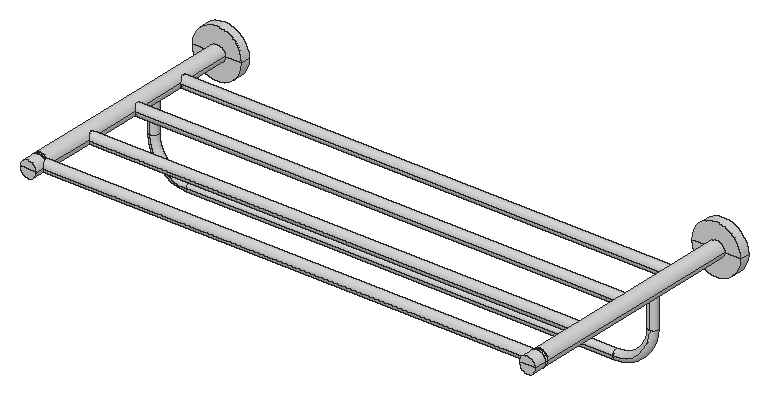
Revit family "Reece_Accessory_GROHE_Essentials_Multi-Towel Rack_550 mm", category Plumbing Fixtures, Revit 2018
Family settings
  Round Connector Dimension = Use Diameter
  Part Type = Normal
  Work Plane-Based = Yes
  Always vertical = Yes
  Cut with Voids When Loaded = Yes
  Shared = Yes
  Room Calculation Point = Yes
Parameters (values of type "Chrome")
  URL = "https://www.reece.com.au/product/-9506971"
  Type Comments = "Accessory"
  Reece_Product_Web Page = "https://www.reece.com.au/product/-9506971"
  Reece_Product_Type = "Accessory"  # constant formula
  Reece_Product_Sub Brand = "Essentials"  # constant formula
  Reece_Product_Number = "9506971"
  Reece_Product_Mount = "Wall Mounted"
  Reece_Product_Description = "GROHE Essentials Accessories Multi-Towel Rack 550mm Chrome"
  Reece_Product_Brand = "GROHE"  # constant formula
  Reece_Overall_Width = 604 mm  # constant formula
  Reece_Overall_Height = 111 mm  # constant formula
  Reece_Material_Main = Reece_Brass_Chrome
  Reece_Height_From_Level [instance] = 1000 mm
  Reece_Detail_Shape = ""
  Reece_Detail_Installation = ""
  Reece_Detail_Disclaimer = "THIS FILE IS THE PROPERTY OF THE REECE GROUP. IT MAY NOT BE REPRODUCED, REVERSE-ENGINEERED OR MODIFIED. ANY REPUBLICATION, TRANSMISSION OR DISTRIBUTION FOR THE PURPOSE OF COMMERCIALLY EXPLOITING THE FILES IS PROHIBITED."  # constant formula
  Reece_Detail_Connector = ""
  Reece_Detail_Additional = ""
  Reece_Accessory_Projection = 270 mm  # constant formula
  Model = "Essentials"
  Manufacturer = "GROHE"
  Keynote = "Product #9506971, Reece_Accessory_GROHE_Essentials_Multi-Towel Rack_550 mm - Chrome"
  Disclaimer = "THIS FILE IS THE PROPERTY OF THE REECE GROUP. IT MAY NOT BE REPRODUCED, REVERSE-ENGINEERED OR MODIFIED. ANY REPUBLICATION, TRANSMISSION OR DISTRIBUTION FOR THE PURPOSE OF COMMERCIALLY EXPLOITING THE FILES IS PROHIBITED."  # constant formula
  Description = "GROHE Essentials Accessories Multi-Towel Rack 550mm Chrome"
  Default Elevation = 0 mm
Types (2, lengths in mm): name | Keynote
  (no name) | "Product #9506971, Reece_Accessory_GROHE_Essentials_Multi-Towel Rack_550 mm -  "
  Chrome | "Product #9506971, Reece_Accessory_GROHE_Essentials_Multi-Towel Rack_550 mm - Chrome"
Reference planes
  plane 1 "Center (Front/Back)": y = 0
  plane 2 "Bottom Host Plane": z = -5
  plane 3 "Center (Left/Right)": x = 0
  plane 4 "Fixing Point": z = 1000
  plane 5: x = -275
  plane 6: x = 275
  plane 7: y = -270
  plane 8: x = -302
  plane 9: x = 302
Forms (mm)
  Revolve 1, solid, material "Reece_Brass_Chrome" <- "Reece_Material_Main"
    sketch origin (0, 0, 1000) x (0, -1, 0) y (1, 0, 0)
      loop
        line (-0.002, -275) -> (-0.002, -302) -> (9.998, -302) -> (9.998, -283.9) -> (253.005, -283.9) -> (253.005, -283.1) -> (254.005, -283.1) -> (254.005, -283.9) -> (256.005, -283.9) -> (256.005, -283.1) -> (257.005, -283.1) -> (257.005, -283.9) -> (270, -283.9) -> (270, -275) -> (-0.002, -275)
      axis (-0.002, -275) -> (270, -275)
    angle from 0 to 360
  Extrusion 2, solid, material "Reece_Brass_Chrome" <- "Reece_Material_Main"
    sketch origin (-0.018, 24.002, 0) x (0, 1, 0) y (0, 0, 1)
      loop
        circle (-90, 1000) r 6
    from -274.982 to 275.018
  Revolve 3, solid, material "Reece_Brass_Chrome" <- "Reece_Material_Main"
    sketch origin (0, 0, 1000) x (0, -1, 0) y (1, 0, 0)
      loop
        line (-0.002, 275) -> (270, 275) -> (270, 283.9) -> (257.005, 283.9) -> (257.005, 283.1) -> (256.005, 283.1) -> (256.005, 283.9) -> (254.005, 283.9) -> (254.005, 283.1) -> (253.005, 283.1) -> (253.005, 283.9) -> (9.998, 283.9) -> (9.998, 302) -> (-0.002, 302) -> (-0.002, 275)
      axis (-0.002, 275) -> (270, 275)
    angle from 0 to 360
  Extrusion 4, solid, material "Reece_Brass_Chrome" <- "Reece_Material_Main"
    sketch origin (-0.018, -38.998, 0) x (0, 1, 0) y (0, 0, 1)
      loop
        circle (-90, 1000) r 6
    from -274.982 to 275.018
  Extrusion 5, solid, material "Reece_Brass_Chrome" <- "Reece_Material_Main"
    sketch origin (-0.018, -101.998, 0) x (0, 1, 0) y (0, 0, 1)
      loop
        circle (-90, 1000) r 6
    from -274.982 to 275.018
  Extrusion 6, solid, material "Reece_Brass_Chrome" <- "Reece_Material_Main"
    sketch origin (-0.018, -164.998, 0) x (0, 1, 0) y (0, 0, 1)
      loop
        circle (-90, 1000) r 6
    from -274.982 to 275.018
  Sweep 7, solid, material "Reece_Brass_Chrome" <- "Reece_Material_Main"
    path origin (0, 0, 0) x (1, 0, 0) y (0, 0, 1)
      loop
        line (-275, 1000) -> (-275, 961)
        arc (-275, 961) -> (-263.284, 932.716) -> (-235, 921) r 40
        line (-235, 921) -> (234.963, 921)
        arc (234.963, 921) -> (263.248, 932.716) -> (274.963, 961) r 40
        line (274.963, 961) -> (274.963, 1000)
    profile origin (-275, 0, 980.5) x (0, -1, 0) y (1, 0, 0)
      loop
        circle (97.502, 0) r 5
Cuts and joins
  joined: Revolve 1, Extrusion 2, Revolve 3, Extrusion 4, Extrusion 5, Extrusion 6, Sweep 7
Lines and regions (mm)
  model lines, style "InvisibleLines"
    curve 1: line (0, 0, -5) -> (0, 0, 1000)
Text (mm)
  text "Reece ©" at (2685.024, -2327.579, 3004.21), in view "Reece Preview"
  text "Reece ©" at (1631.025, -1085.127, -1020.679), in view "Ref. Level"
Dimensions and locks
  locked: plane 2 "Bottom Host Plane" to level at 5
  "Reece_Height_From_Level": plane 4 "Fixing Point" to level
  plane 7 to plane 1 "Center (Front/Back)" = 270 mm
  "Reece_Accessory_Projection": plane 1 "Center (Front/Back)" to plane 7
  equal spacing: plane 5, plane 3 "Center (Left/Right)", plane 6
  "Reece_Overall_Width": plane 8 to plane 9
  aligned and locked: plane 4 "Fixing Point" to curve 1
  aligned and locked: plane 2 "Bottom Host Plane" to curve 1
Automatic sketch dimensions
  curve 1 to plane 3 "Center (Left/Right)" = 0 mm
  Revolve 1 sketch curve to plane 5 = 0 mm  (x2)
  Revolve 1 sketch curve to plane 7 = 0 mm
  Revolve 1 sketch curve to plane 1 "Center (Front/Back)" = 0.002 mm
  Revolve 1 sketch curve to Revolve 1 sketch curve = 1 mm  (x2)
  plane 5 to Revolve 1 sketch curve = 8.1 mm
  Revolve 1 sketch curve to Revolve 1 sketch curve = 0 mm
  Revolve 1 sketch curve to Revolve 1 sketch curve = 0.8 mm  (x2)
  plane 5 to Revolve 1 sketch curve = 8.9 mm
  Revolve 1 sketch curve to Revolve 1 sketch curve = 18.1 mm
  Revolve 1 sketch curve to Revolve 1 sketch curve = 15 mm
  plane 4 "Fixing Point" to Extrusion 2 sketch curve = 0 mm
  Revolve 3 sketch curve to plane 6 = 0 mm  (x2)
  Revolve 3 sketch curve to plane 7 = 0 mm
  Revolve 3 sketch curve to plane 1 "Center (Front/Back)" = 0.002 mm
  Revolve 3 sketch curve to Revolve 3 sketch curve = 1 mm  (x2)
  plane 6 to Revolve 3 sketch curve = 8.1 mm
  Revolve 3 sketch curve to Revolve 3 sketch curve = 0 mm
  Revolve 3 sketch curve to Revolve 3 sketch curve = 0.8 mm  (x3)
  Revolve 3 sketch curve to Revolve 3 sketch curve = 15 mm
  plane 4 "Fixing Point" to Extrusion 4 sketch curve = 0 mm
  plane 4 "Fixing Point" to Extrusion 5 sketch curve = 0 mm
  plane 4 "Fixing Point" to Extrusion 6 sketch curve = 0 mm
  plane 5 to Sweep 7 sketch curve = 0 mm
  Sweep 7 sketch curve to plane 4 "Fixing Point" = 0 mm  (x2)
  Sweep 7 sketch curve to plane 6 = 0.037 mm
  plane 4 "Fixing Point" to Sweep 7 sketch curve = 39 mm
  Sweep 7 sketch curve to Sweep 7 sketch curve = 39 mm
  plane 1 "Center (Front/Back)" to Sweep 7 sketch curve = 97.502 mm
  Sweep 7 sketch curve to profile plane = 0 mm
  plane 7 to Revolve 1 sketch curve = 16.995 mm
  Revolve 1 sketch curve to Revolve 1 sketch curve = 2 mm
  plane 7 to Revolve 3 sketch curve = 16.995 mm
  Revolve 3 sketch curve to Revolve 3 sketch curve = 2 mm
  plane 7 to Extrusion 5 sketch curve = 78.002 mm
  plane 7 to Extrusion 6 sketch curve = 15.002 mm
  plane 1 "Center (Front/Back)" to Revolve 1 sketch curve = 9.998 mm
  Revolve 1 sketch curve to Revolve 1 sketch curve = 105 mm
  plane 1 "Center (Front/Back)" to Extrusion 2 sketch curve = 65.998 mm
  plane 1 "Center (Front/Back)" to Revolve 3 sketch curve = 9.998 mm
  Revolve 3 sketch curve to Revolve 3 sketch curve = 105 mm
  plane 1 "Center (Front/Back)" to Extrusion 4 sketch curve = 128.998 mm
  Sweep 7 sketch curve to plane 5 = 40 mm
  Revolve 3 sketch curve to Revolve 3 sketch curve = 18.1 mm
  radius of Extrusion 2 sketch curve = 6 mm
  radius of Extrusion 4 sketch curve = 6 mm
  radius of Extrusion 5 sketch curve = 6 mm
  radius of Extrusion 6 sketch curve = 6 mm
  radius of Sweep 7 sketch curve = 5 mm
